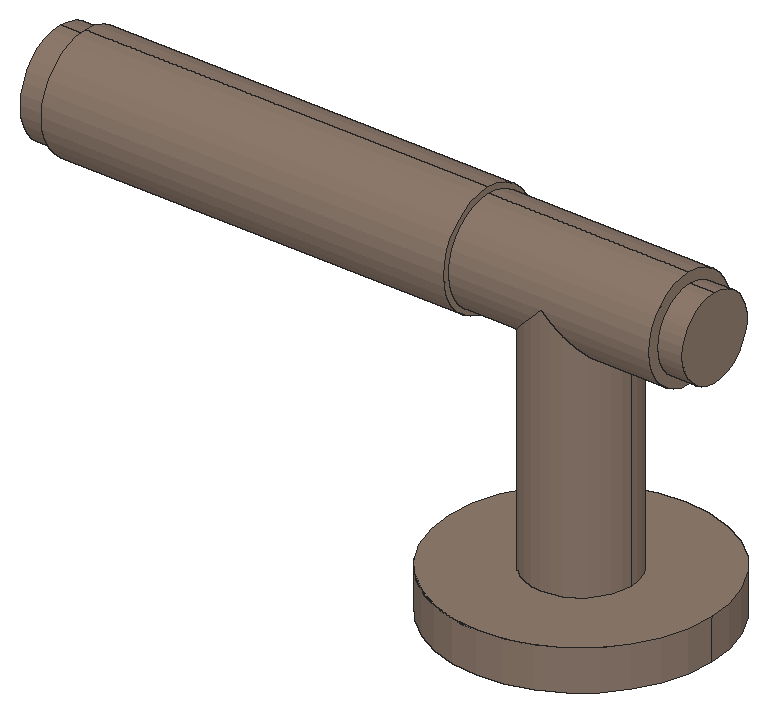
Revit family "ALMA-Ivan_Door_Handle-FaceBased", category Specialty Equipment, host Face, Revit 2026
Family settings
  Host = Face
  Round Connector Dimension = Use Diameter
  Part Type = Normal
  Enable Cutting in Views = Yes
  Cut with Voids When Loaded = No
  Maintain Annotation Orientation = No
  Shared = No
  Room Calculation Point = No
Parameters (values of type "BRUSHED ANTIQUE BRASS")
  HandGrip_Material = BM_ANTIQUE BRASS_TEXTURED
  DoorHandle_Material = BM_ANTIQUE BRASS
  Default Elevation = 1100 mm
Types (7, lengths in mm): name | HandGrip_Material | DoorHandle_Material
  (no name) | BM_ANTIQUE BRASS_TEXTURED | BM_ANTIQUE BRASS
  BRUSHED ANTIQUE BRASS | BM_ANTIQUE BRASS_TEXTURED | BM_ANTIQUE BRASS
  BRUSHED NICKEL | BM_NICKEL_TEXTURED | BM_NICKEL
  MATTE BLACK | BM_MATTE BLACK_TEXTURED | BM_MATTE BLACK
  BRUSHED GUNMETAL | BM_GUNMETAL_TEXTURED | BM_GUNMETAL
  BRUSHED BRASS GOLD | BM_BRASS GOLD_TEXTURED | BM_BRASS GOLD
  CHROME | BM_CHROME_TEXTURED | BM_CHROME
Reference planes
  plane 1 "Center (Front/Back)": y = 0
  plane 2: z = 0
  plane 3 "Center (Left/Right)": x = 0
  plane 4: y = 26
  plane 5: y = -26
  plane 6: y = -10
  plane 7: x = -103.481
  plane 8: x = -98.481
  plane 9: x = -18.481
  plane 10: z = 63.5
  plane 11: z = 58
Forms (mm)
  Extrusion 1, solid, material "BM_ANTIQUE BRASS" <- "DoorHandle_Material"
    sketch origin (-7.019, 0, 8) x (1, 0, 0) y (0, 1, 0)
      loop
        circle (7.019, 0) r 10
    from 0 to 50
  Extrusion 2, solid, material "BM_ANTIQUE BRASS" <- "DoorHandle_Material"
    sketch origin (-7.019, 0, 0) x (1, 0, 0) y (0, 1, 0)
      loop
        circle (7.019, 0) r 26
    from 0 to 8
  Extrusion 3, solid, material "BM_ANTIQUE BRASS" <- "DoorHandle_Material"
    sketch origin (7.019, 0, -18) x (0, 0, -1) y (0, 1, 0)
      loop
        circle (-76, 0) r 10
    from -25.5 to 14.5
  Extrusion 4, solid, material "BM_ANTIQUE BRASS" <- "DoorHandle_Material"
    sketch origin (21.519, 0, -18) x (0, 0, -1) y (0, 1, 0)
      loop
        circle (-76, 0) r 8
    from 0 to 5
  Extrusion 5, solid, material "BM_ANTIQUE BRASS" <- "DoorHandle_Material"
    sketch origin (-77.981, 0, -18) x (0, 0, -1) y (0, 1, 0)
      loop
        circle (-76, 0) r 10
    from -25.5 to -20.5
  Extrusion 6, solid, material "BM_ANTIQUE BRASS_TEXTURED" <- "HandGrip_Material"
    sketch origin (-98.481, 0, -18) x (0, 0, -1) y (0, 1, 0)
      loop
        circle (-76, 0) r 11
    from 0 to 80
Cuts and joins
  joined: Extrusion 1, Extrusion 3
Text (mm)
  text "Refer to www.buildmat.com.au for the most current product literature. \nAllow a +/- 5mm tolerance for dimensions shown in the product literature. \nPlease note product details are subject to change due to ongoing product development." at (-1.255, -1290.37, 0), in view "Ref. Level"
Dimensions and locks
  aligned and locked: plane 2 to host face
  aligned and locked: level to host face
